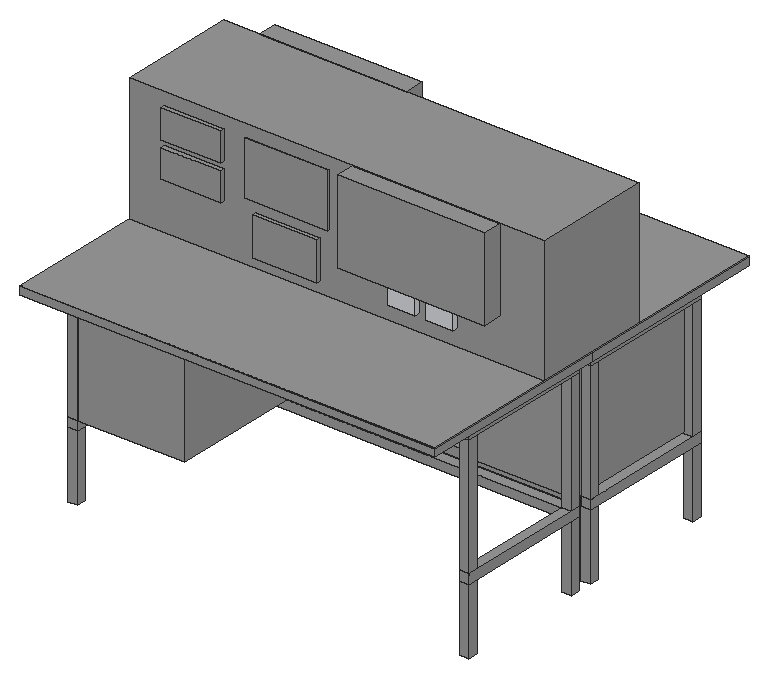
Revit family "ElectronicsBenchTopDouble", category Furniture, Revit 2025
Family settings
  OmniClass Number = 23.40.20.00
  OmniClass Title = General Furniture and Specialties
  Work Plane-Based = No
  Enable Cutting in Views = No
  Always vertical = Yes
  Cut with Voids When Loaded = No
  Render Appearance Source = Family Geometry
  Shared = No
  Room Calculation Point = No
Parameters
  Default Elevation = 0 mm
Reference planes
  plane 1 "FrontEdge": y = -845
  plane 2: z = 9.556
  plane 3 "Center (Left/Right)": x = 0
  plane 4: x = 1750
  plane 5: x = 150
  plane 6: x = 400
  plane 7: x = 492
  plane 8: x = 535
  plane 9: x = 805
  plane 10: x = 842
  plane 11: x = 942
  plane 12: x = 1562
  plane 13: z = 539.556
  plane 14 "Centreline": y = -20
  plane 15 "RearEdge": y = 805
  plane 16: z = 909.556
  plane 17 "RearConsole": y = 230
  plane 18 "FrontConsole": y = -270
Forms (mm)
  Extrusion 1, solid, not visible
    sketch origin (340.219, 0, -4.515) x (1, 0, 0) y (0, 0, 1)
      loop
        line (1166.781, -422.24) -> (1166.781, -497.24) -> (1281.781, -497.24) -> (1281.781, -422.24) -> (1166.781, -422.24)
    from 0 to 100
  Extrusion 2, void, not visible
    sketch origin (0, 0, -0.733) x (1, 0, 0) y (0, 0, 1)
      loop
        circle (1535.231, -463.13) r 15
      loop
        circle (1594.387, -462.957) r 15
    from 0 to 5
  Extrusion 3, solid, not visible
    sketch origin (180.219, 0, -4.515) x (1, 0, 0) y (0, 0, 1)
      loop
        line (1166.781, -422.24) -> (1166.781, -497.24) -> (1281.781, -497.24) -> (1281.781, -422.24) -> (1166.781, -422.24)
    from 0 to 100
  Extrusion 4, void, not visible
    sketch origin (-160, 0, -0.733) x (1, 0, 0) y (0, 0, 1)
      loop
        circle (1535.231, -463.13) r 15
      loop
        circle (1594.387, -462.957) r 15
    from 0 to 5
  Extrusion 5, solid, not visible
    sketch origin (97.34, 80, 567.327) x (1, 0, 0) y (0, 0, 1)
      loop
        line (1166.781, -422.24) -> (1166.781, -497.24) -> (1281.781, -497.24) -> (1281.781, -422.24) -> (1166.781, -422.24)
    from 0 to 100
  Extrusion 6, void, not visible
    sketch origin (-242.88, -20, 571.109) x (1, 0, 0) y (0, 0, 1)
      loop
        circle (1535.231, -463.13) r 15
      loop
        circle (1594.387, -462.957) r 15
    from 0 to 5
  Extrusion 7, solid, not visible
    sketch origin (-62.66, 80, 567.327) x (1, 0, 0) y (0, 0, 1)
      loop
        line (1166.781, -422.24) -> (1166.781, -497.24) -> (1281.781, -497.24) -> (1281.781, -422.24) -> (1166.781, -422.24)
    from 0 to 100
  Extrusion 8, void, not visible
    sketch origin (-402.88, -20, 571.109) x (1, 0, 0) y (0, 0, 1)
      loop
        circle (1535.231, -463.13) r 15
      loop
        circle (1594.387, -462.957) r 15
    from 0 to 5
  Extrusion 9, solid, material "Plywood, Side, 7 Ply", not visible
    sketch origin (829.616, -1903.81, 1413.477) x (1, 0, 0) y (0, 0, 1)
      loop
        line (-829.616, -130.888) -> (920.384, -130.888) -> (920.384, 399.112) -> (-829.616, 399.112) -> (-829.616, -130.888)
    from -350 to 250
  Extrusion 10, solid, material "Asphalt, Bitumen", not visible
    sketch origin (-0.384, -1903.81, 1272.588) x (1, 0, 0) y (0, 0, 1)
      loop
        line (942, 530) -> (942, 180) -> (1562, 180) -> (1562, 530) -> (942, 530)
    from 250 to 330
  Extrusion 11, solid, material "Asphalt, Bitumen", not visible
    sketch origin (-0.384, -1903.81, 1272.588) x (1, 0, 0) y (0, 0, 1)
      loop
        line (842, 480) -> (492, 480) -> (492, 253) -> (842, 253) -> (842, 480)
    from 150 to 255
  Extrusion 12, solid, material "Plastic, Formed", not visible
    sketch origin (-0.384, -1903.81, 1272.588) x (1, 0, 0) y (0, 0, 1)
      loop
        line (535, 210) -> (535, 50) -> (805, 50) -> (805, 210) -> (535, 210)
    from -35.942 to 270
  Extrusion 13, solid, material "Plastic, Formed", not visible
    sketch origin (-0.384, -1903.81, 1272.588) x (1, 0, 0) y (0, 0, 1)
      loop
        line (150, 480) -> (150, 360) -> (400, 360) -> (400, 480) -> (150, 480)
      loop
        line (150, 330) -> (150, 210) -> (400, 210) -> (400, 330) -> (150, 330)
    from 0 to 270
  Extrusion 14, solid, material "Asphalt, Bitumen", not visible
    sketch origin (1710.436, -1803.81, 1272.588) x (-1, 0, 0) y (0, 0, 1)
      loop
        line (942, 530) -> (942, 180) -> (1562, 180) -> (1562, 530) -> (942, 530)
    from 250 to 330
  Extrusion 15, solid, material "Asphalt, Bitumen", not visible
    sketch origin (1710.436, -1803.81, 1272.588) x (-1, 0, 0) y (0, 0, 1)
      loop
        line (842, 480) -> (492, 480) -> (492, 253) -> (842, 253) -> (842, 480)
    from 150 to 255
  Extrusion 16, solid, material "Plastic, Formed", not visible
    sketch origin (1710.436, -1803.81, 1272.588) x (-1, 0, 0) y (0, 0, 1)
      loop
        line (535, 210) -> (535, 50) -> (805, 50) -> (805, 210) -> (535, 210)
    from -35.942 to 270
  Extrusion 17, solid, material "Plastic, Formed", not visible
    sketch origin (1710.436, -1803.81, 1272.588) x (-1, 0, 0) y (0, 0, 1)
      loop
        line (150, 480) -> (150, 360) -> (400, 360) -> (400, 480) -> (150, 480)
      loop
        line (150, 330) -> (150, 210) -> (400, 210) -> (400, 330) -> (150, 330)
    from 0 to 270
  Extrusion 18, solid, not visible
    sketch origin (97.34, -2073.81, 1840.359) x (1, 0, 0) y (0, 0, 1)
      loop
        line (1166.781, -422.24) -> (1166.781, -497.24) -> (1281.781, -497.24) -> (1281.781, -422.24) -> (1166.781, -422.24)
    from 0 to 100
  Extrusion 19, void, not visible
    sketch origin (-242.88, -2173.81, 1844.141) x (1, 0, 0) y (0, 0, 1)
      loop
        circle (1535.231, -463.13) r 15
      loop
        circle (1594.387, -462.957) r 15
    from 0 to 5
  Extrusion 20, solid, not visible
    sketch origin (-62.66, -2073.81, 1840.359) x (1, 0, 0) y (0, 0, 1)
      loop
        line (1166.781, -422.24) -> (1166.781, -497.24) -> (1281.781, -497.24) -> (1281.781, -422.24) -> (1166.781, -422.24)
    from 0 to 100
  Extrusion 21, void, not visible
    sketch origin (-402.88, -2173.81, 1844.141) x (1, 0, 0) y (0, 0, 1)
      loop
        circle (1535.231, -463.13) r 15
      loop
        circle (1594.387, -462.957) r 15
    from 0 to 5
  Extrusion 22, solid, not visible
    sketch origin (1584.862, -1633.81, 1840.359) x (-1, 0, 0) y (0, 0, 1)
      loop
        line (1166.781, -422.24) -> (1166.781, -497.24) -> (1281.781, -497.24) -> (1281.781, -422.24) -> (1166.781, -422.24)
    from 0 to 100
  Extrusion 23, void, not visible
    sketch origin (1925.082, -1533.81, 1844.141) x (-1, 0, 0) y (0, 0, 1)
      loop
        circle (1535.231, -463.13) r 15
      loop
        circle (1594.387, -462.957) r 15
    from 0 to 5
  Extrusion 24, solid, not visible
    sketch origin (1744.862, -1633.81, 1840.359) x (-1, 0, 0) y (0, 0, 1)
      loop
        line (1166.781, -422.24) -> (1166.781, -497.24) -> (1281.781, -497.24) -> (1281.781, -422.24) -> (1166.781, -422.24)
    from 0 to 100
  Extrusion 25, void, not visible
    sketch origin (2085.082, -1533.81, 1844.141) x (-1, 0, 0) y (0, 0, 1)
      loop
        circle (1535.231, -463.13) r 15
      loop
        circle (1594.387, -462.957) r 15
    from 0 to 5
Dimensions and locks
  plane 14 "Centreline" to plane 1 "FrontEdge" = 825 mm
  nested 2 to plane 15 "RearEdge" = 825 mm
  plane 17 "RearConsole" to plane 15 "RearEdge" = 575 mm
  plane 14 "Centreline" to plane 18 "FrontConsole" to plane 1 "FrontEdge" = 250 mm, 575 mm
  plane 17 "RearConsole" to plane 14 "Centreline" = 250 mm
  aligned and locked: level to plane 2
Nested families
  nested 1: "SmallBench" at (0, -20, 9.556), type "SmallBench"
  nested 2: "SmallBench" at (1750, -20, 9.556) x (-1, 0, 0) z (0, 0, 1), type "SmallBench"
  nested 3: "ElectronicsBenchTop" at (0, -14.058, 909.556), type "ElectronicsBenchTop"
Definition of nested family "SmallBench"
  Parameters
    Default Elevation = 0 mm
  Reference planes
    plane 1 "CentreLong": y = 0
    plane 2: z = 0
    plane 3 "LeftEdge": x = 0
    plane 4 "FrontEdge": y = -825
    plane 5 "RightEdge": x = 1750
    plane 6 "DrawerFront": y = -610
    plane 7 "LeftSupport": x = 50
    plane 8 "BenchTop": z = 900
    plane 9 "BenchBottom": z = 865
    plane 10 "RightSupport": x = 1700
    plane 11 "BackSupport": y = -50
    plane 12 "DrawerInner": x = 520
  Forms (mm)
    Extrusion 1, solid
      sketch origin (0, 0, 0) x (1, 0, 0) y (0, 1, 0)
        loop
          line (0, 0) -> (0, -825) -> (1750, -825) -> (1750, 0) -> (0, 0)
      from 865 to 898
    Extrusion 2, solid
      sketch origin (1780, -548.097, 0) x (1, 0, 0) y (0, 1, 0)
        loop
          line (-100, 518.097) -> (-100, 478.097) -> (-60, 478.097) -> (-60, 518.097) -> (-100, 518.097)
      from 0 to 825
    Extrusion 3, solid
      sketch origin (1780, -1115, 0) x (1, 0, 0) y (0, 1, 0)
        loop
          line (-100, 545) -> (-100, 505) -> (-60, 505) -> (-60, 545) -> (-100, 545)
      from 0 to 825
    Extrusion 4, solid
      sketch origin (-700, -140, 0) x (1, 0, 0) y (0, 1, 0)
        loop
          line (2380, 110) -> (2380, -470) -> (2420, -470) -> (2420, 110) -> (2400, 110) -> (2380, 110)
      from 825 to 865
    Extrusion 5, solid
      sketch origin (-700, -180, 0) x (1, 0, 0) y (0, 1, 0)
        loop
          line (2380, 150) -> (2380, -430) -> (2420, -430) -> (2420, 150) -> (2380, 150)
      from 280 to 320
    Extrusion 6, solid
      sketch origin (0, 0, 0) x (1, 0, 0) y (0, 1, 0)
        loop
          line (70, 0) -> (70, -610) -> (520, -610) -> (520, 0) -> (70, 0)
      from 320 to 865
    Extrusion 7, solid, not visible
      sketch origin (1780, -548.097, 0) x (1, 0, 0) y (0, 1, 0)
        loop
          line (-100, 518.097) -> (-100, 478.097) -> (-60, 478.097) -> (-60, 518.097) -> (-100, 518.097)
      from 0 to 825
    Extrusion 8, solid, not visible
      sketch origin (1780, -1115, 0) x (1, 0, 0) y (0, 1, 0)
        loop
          line (-100, 545) -> (-100, 505) -> (-60, 505) -> (-60, 545) -> (-100, 545)
      from 0 to 825
    Extrusion 9, solid, not visible
      sketch origin (-700, -140, 0) x (1, 0, 0) y (0, 1, 0)
        loop
          line (2380, 110) -> (2380, -470) -> (2420, -470) -> (2420, 110) -> (2400, 110) -> (2380, 110)
      from 825 to 865
    Extrusion 10, solid, not visible
      sketch origin (-700, -180, 0) x (1, 0, 0) y (0, 1, 0)
        loop
          line (2380, 150) -> (2380, -430) -> (2420, -430) -> (2420, 150) -> (2380, 150)
      from 280 to 320
    Extrusion 11, solid
      sketch origin (130, -548.097, 0) x (1, 0, 0) y (0, 1, 0)
        loop
          line (-100, 518.097) -> (-100, 478.097) -> (-60, 478.097) -> (-60, 518.097) -> (-100, 518.097)
      from 0 to 825
    Extrusion 12, solid
      sketch origin (130, -1115, 0) x (1, 0, 0) y (0, 1, 0)
        loop
          line (-100, 545) -> (-100, 505) -> (-60, 505) -> (-60, 545) -> (-100, 545)
      from 0 to 825
    Extrusion 13, solid
      sketch origin (-2350, -140, 0) x (1, 0, 0) y (0, 1, 0)
        loop
          line (2380, 110) -> (2380, -470) -> (2420, -470) -> (2420, 110) -> (2400, 110) -> (2380, 110)
      from 825 to 865
    Extrusion 14, solid
      sketch origin (-2350, -180, 0) x (1, 0, 0) y (0, 1, 0)
        loop
          line (2380, 150) -> (2380, -430) -> (2420, -430) -> (2420, 150) -> (2380, 150)
      from 280 to 320
    Extrusion 15, solid
      sketch origin (0, 0, -200) x (0, 1, 0) y (0, 0, 1)
        loop
          line (-30, 520) -> (-70, 520) -> (-70, 480) -> (-30, 480) -> (-30, 520)
      from 70 to 1680
    Extrusion 16, solid
      sketch origin (0, 0, 465) x (0, 1, 0) y (0, 0, 1)
        loop
          line (-30, 400) -> (-70, 400) -> (-70, 360) -> (-30, 360) -> (-30, 400)
      from 70 to 1680
    Extrusion 17, solid
      sketch origin (0, 0, 0) x (1, 0, 0) y (0, 1, 0)
        loop
          line (0, 0) -> (0, -825) -> (1750, -825) -> (1750, 0) -> (0, 0)
      from 898 to 900
  Dimensions and locks
    plane 3 "LeftEdge" to plane 5 "RightEdge" = 1750 mm
    plane 12 "DrawerInner" to Extrusion 3 = 1160 mm
    plane 8 "BenchTop" to level = 900 mm
    plane 5 "RightEdge" to plane 3 "LeftEdge" = 1750 mm
    Extrusion 6 to Extrusion 12 = 450 mm
    Extrusion 13 to Extrusion 6 = 450 mm
    Extrusion 6 to Extrusion 4 = 1160 mm
    aligned and locked: level to plane 2
Definition of nested family "ElectronicsBenchTop"
  Parameters
    Default Elevation = 0 mm
  Reference planes
    plane 1 "Front Face": y = -255.942
    plane 2: z = 0
    plane 3 "Left": x = 0
    plane 4 "Right": x = 1750
    plane 5: x = 150
    plane 6: x = 400
    plane 7: x = 492
    plane 8: x = 535
    plane 9: x = 805
    plane 10: x = 842
    plane 11: x = 942
    plane 12: x = 1562
    plane 13 "Centreline": y = -5.942
    plane 14: z = 0
    plane 15 "Top": z = 530
    plane 16: y = 244.058
  Forms (mm)
    Extrusion 1, solid
      sketch origin (829.616, -5.942, 120.888) x (1, 0, 0) y (0, 0, 1)
        loop
          line (-829.616, -120.888) -> (920.384, -120.888) -> (920.384, 409.112) -> (-829.616, 409.112) -> (-829.616, -120.888)
      from -250 to 250
    Extrusion 2, solid
      sketch origin (-0.384, -5.942, 0) x (1, 0, 0) y (0, 0, 1)
        loop
          line (942, 530) -> (942, 180) -> (1562, 180) -> (1562, 530) -> (942, 530)
      from 250 to 330
    Extrusion 3, solid
      sketch origin (-0.384, -5.942, 0) x (1, 0, 0) y (0, 0, 1)
        loop
          line (842, 480) -> (492, 480) -> (492, 253) -> (842, 253) -> (842, 480)
      from 150 to 255
    Extrusion 4, solid
      sketch origin (-0.384, -5.942, 0) x (1, 0, 0) y (0, 0, 1)
        loop
          line (535, 210) -> (535, 50) -> (805, 50) -> (805, 210) -> (535, 210)
      from -35.942 to 270
    Extrusion 5, solid
      sketch origin (-0.384, -5.942, 0) x (1, 0, 0) y (0, 0, 1)
        loop
          line (150, 480) -> (150, 360) -> (400, 360) -> (400, 480) -> (150, 480)
        loop
          line (150, 330) -> (150, 210) -> (400, 210) -> (400, 330) -> (150, 330)
      from 0 to 270
    Extrusion 6, solid
      sketch origin (1710.436, -5.942, 0) x (-1, 0, 0) y (0, 0, 1)
        loop
          line (942, 530) -> (942, 180) -> (1562, 180) -> (1562, 530) -> (942, 530)
      from 250 to 330
    Extrusion 7, solid
      sketch origin (1710.436, -5.942, 0) x (-1, 0, 0) y (0, 0, 1)
        loop
          line (842, 480) -> (492, 480) -> (492, 253) -> (842, 253) -> (842, 480)
      from 150 to 255
    Extrusion 8, solid
      sketch origin (1710.436, -5.942, 0) x (-1, 0, 0) y (0, 0, 1)
        loop
          line (535, 210) -> (535, 50) -> (805, 50) -> (805, 210) -> (535, 210)
      from -35.942 to 270
    Extrusion 9, solid
      sketch origin (1710.436, -5.942, 0) x (-1, 0, 0) y (0, 0, 1)
        loop
          line (150, 480) -> (150, 360) -> (400, 360) -> (400, 480) -> (150, 480)
        loop
          line (150, 330) -> (150, 210) -> (400, 210) -> (400, 330) -> (150, 330)
      from 0 to 270
    Extrusion 10, solid
      sketch origin (97.34, -175.942, 567.771) x (1, 0, 0) y (0, 0, 1)
        loop
          line (1166.781, -422.24) -> (1166.781, -497.24) -> (1281.781, -497.24) -> (1281.781, -422.24) -> (1166.781, -422.24)
      from 0 to 100
    Extrusion 11, void
      sketch origin (-242.88, -275.942, 571.553) x (1, 0, 0) y (0, 0, 1)
        loop
          circle (1535.231, -463.13) r 15
        loop
          circle (1594.387, -462.957) r 15
      from 0 to 5
    Extrusion 12, solid
      sketch origin (-62.66, -175.942, 567.771) x (1, 0, 0) y (0, 0, 1)
        loop
          line (1166.781, -422.24) -> (1166.781, -497.24) -> (1281.781, -497.24) -> (1281.781, -422.24) -> (1166.781, -422.24)
      from 0 to 100
    Extrusion 13, void
      sketch origin (-402.88, -275.942, 571.553) x (1, 0, 0) y (0, 0, 1)
        loop
          circle (1535.231, -463.13) r 15
        loop
          circle (1594.387, -462.957) r 15
      from 0 to 5
    Extrusion 14, solid, not visible
      sketch origin (340.219, 0, -4.515) x (1, 0, 0) y (0, 0, 1)
        loop
          line (1166.781, -422.24) -> (1166.781, -497.24) -> (1281.781, -497.24) -> (1281.781, -422.24) -> (1166.781, -422.24)
      from 0 to 100
    Extrusion 15, void, not visible
      sketch origin (0, 0, -0.733) x (1, 0, 0) y (0, 0, 1)
        loop
          circle (1535.231, -463.13) r 15
        loop
          circle (1594.387, -462.957) r 15
      from 0 to 5
    Extrusion 16, solid, not visible
      sketch origin (180.219, 0, -4.515) x (1, 0, 0) y (0, 0, 1)
        loop
          line (1166.781, -422.24) -> (1166.781, -497.24) -> (1281.781, -497.24) -> (1281.781, -422.24) -> (1166.781, -422.24)
      from 0 to 100
    Extrusion 17, void, not visible
      sketch origin (-160, 0, -0.733) x (1, 0, 0) y (0, 0, 1)
        loop
          circle (1535.231, -463.13) r 15
        loop
          circle (1594.387, -462.957) r 15
      from 0 to 5
    Extrusion 18, solid
      sketch origin (1584.862, 164.058, 567.771) x (-1, 0, 0) y (0, 0, 1)
        loop
          line (1166.781, -422.24) -> (1166.781, -497.24) -> (1281.781, -497.24) -> (1281.781, -422.24) -> (1166.781, -422.24)
      from 0 to 100
    Extrusion 19, void
      sketch origin (1925.082, 264.058, 571.553) x (-1, 0, 0) y (0, 0, 1)
        loop
          circle (1535.231, -463.13) r 15
        loop
          circle (1594.387, -462.957) r 15
      from 0 to 5
    Extrusion 20, solid
      sketch origin (1744.862, 164.058, 567.771) x (-1, 0, 0) y (0, 0, 1)
        loop
          line (1166.781, -422.24) -> (1166.781, -497.24) -> (1281.781, -497.24) -> (1281.781, -422.24) -> (1166.781, -422.24)
      from 0 to 100
    Extrusion 21, void
      sketch origin (2085.082, 264.058, 571.553) x (-1, 0, 0) y (0, 0, 1)
        loop
          circle (1535.231, -463.13) r 15
        loop
          circle (1594.387, -462.957) r 15
      from 0 to 5
    Extrusion 22, solid, not visible
      sketch origin (97.34, 80, 567.327) x (1, 0, 0) y (0, 0, 1)
        loop
          line (1166.781, -422.24) -> (1166.781, -497.24) -> (1281.781, -497.24) -> (1281.781, -422.24) -> (1166.781, -422.24)
      from 0 to 100
    Extrusion 23, void, not visible
      sketch origin (-242.88, -20, 571.109) x (1, 0, 0) y (0, 0, 1)
        loop
          circle (1535.231, -463.13) r 15
        loop
          circle (1594.387, -462.957) r 15
      from 0 to 5
    Extrusion 24, solid, not visible
      sketch origin (-62.66, 80, 567.327) x (1, 0, 0) y (0, 0, 1)
        loop
          line (1166.781, -422.24) -> (1166.781, -497.24) -> (1281.781, -497.24) -> (1281.781, -422.24) -> (1166.781, -422.24)
      from 0 to 100
    Extrusion 25, void, not visible
      sketch origin (-402.88, -20, 571.109) x (1, 0, 0) y (0, 0, 1)
        loop
          circle (1535.231, -463.13) r 15
        loop
          circle (1594.387, -462.957) r 15
      from 0 to 5
    Extrusion 26, solid, not visible
      sketch origin (829.616, -1903.81, 1413.477) x (1, 0, 0) y (0, 0, 1)
        loop
          line (-829.616, -130.888) -> (920.384, -130.888) -> (920.384, 399.112) -> (-829.616, 399.112) -> (-829.616, -130.888)
      from -350 to 250
    Extrusion 27, solid, not visible
      sketch origin (-0.384, -1903.81, 1272.588) x (1, 0, 0) y (0, 0, 1)
        loop
          line (942, 530) -> (942, 180) -> (1562, 180) -> (1562, 530) -> (942, 530)
      from 250 to 330
    Extrusion 28, solid, not visible
      sketch origin (-0.384, -1903.81, 1272.588) x (1, 0, 0) y (0, 0, 1)
        loop
          line (842, 480) -> (492, 480) -> (492, 253) -> (842, 253) -> (842, 480)
      from 150 to 255
    Extrusion 29, solid, not visible
      sketch origin (-0.384, -1903.81, 1272.588) x (1, 0, 0) y (0, 0, 1)
        loop
          line (535, 210) -> (535, 50) -> (805, 50) -> (805, 210) -> (535, 210)
      from -35.942 to 270
    Extrusion 30, solid, not visible
      sketch origin (-0.384, -1903.81, 1272.588) x (1, 0, 0) y (0, 0, 1)
        loop
          line (150, 480) -> (150, 360) -> (400, 360) -> (400, 480) -> (150, 480)
        loop
          line (150, 330) -> (150, 210) -> (400, 210) -> (400, 330) -> (150, 330)
      from 0 to 270
    Extrusion 31, solid, not visible
      sketch origin (1710.436, -1803.81, 1272.588) x (-1, 0, 0) y (0, 0, 1)
        loop
          line (942, 530) -> (942, 180) -> (1562, 180) -> (1562, 530) -> (942, 530)
      from 250 to 330
    Extrusion 32, solid, not visible
      sketch origin (1710.436, -1803.81, 1272.588) x (-1, 0, 0) y (0, 0, 1)
        loop
          line (842, 480) -> (492, 480) -> (492, 253) -> (842, 253) -> (842, 480)
      from 150 to 255
    Extrusion 33, solid, not visible
      sketch origin (1710.436, -1803.81, 1272.588) x (-1, 0, 0) y (0, 0, 1)
        loop
          line (535, 210) -> (535, 50) -> (805, 50) -> (805, 210) -> (535, 210)
      from -35.942 to 270
    Extrusion 34, solid, not visible
      sketch origin (1710.436, -1803.81, 1272.588) x (-1, 0, 0) y (0, 0, 1)
        loop
          line (150, 480) -> (150, 360) -> (400, 360) -> (400, 480) -> (150, 480)
        loop
          line (150, 330) -> (150, 210) -> (400, 210) -> (400, 330) -> (150, 330)
      from 0 to 270
    Extrusion 35, solid, not visible
      sketch origin (97.34, -2073.81, 1840.359) x (1, 0, 0) y (0, 0, 1)
        loop
          line (1166.781, -422.24) -> (1166.781, -497.24) -> (1281.781, -497.24) -> (1281.781, -422.24) -> (1166.781, -422.24)
      from 0 to 100
    Extrusion 36, void, not visible
      sketch origin (-242.88, -2173.81, 1844.141) x (1, 0, 0) y (0, 0, 1)
        loop
          circle (1535.231, -463.13) r 15
        loop
          circle (1594.387, -462.957) r 15
      from 0 to 5
    Extrusion 37, solid, not visible
      sketch origin (-62.66, -2073.81, 1840.359) x (1, 0, 0) y (0, 0, 1)
        loop
          line (1166.781, -422.24) -> (1166.781, -497.24) -> (1281.781, -497.24) -> (1281.781, -422.24) -> (1166.781, -422.24)
      from 0 to 100
    Extrusion 38, void, not visible
      sketch origin (-402.88, -2173.81, 1844.141) x (1, 0, 0) y (0, 0, 1)
        loop
          circle (1535.231, -463.13) r 15
        loop
          circle (1594.387, -462.957) r 15
      from 0 to 5
    Extrusion 39, solid, not visible
      sketch origin (1584.862, -1633.81, 1840.359) x (-1, 0, 0) y (0, 0, 1)
        loop
          line (1166.781, -422.24) -> (1166.781, -497.24) -> (1281.781, -497.24) -> (1281.781, -422.24) -> (1166.781, -422.24)
      from 0 to 100
    Extrusion 40, void, not visible
      sketch origin (1925.082, -1533.81, 1844.141) x (-1, 0, 0) y (0, 0, 1)
        loop
          circle (1535.231, -463.13) r 15
        loop
          circle (1594.387, -462.957) r 15
      from 0 to 5
    Extrusion 41, solid, not visible
      sketch origin (1744.862, -1633.81, 1840.359) x (-1, 0, 0) y (0, 0, 1)
        loop
          line (1166.781, -422.24) -> (1166.781, -497.24) -> (1281.781, -497.24) -> (1281.781, -422.24) -> (1166.781, -422.24)
      from 0 to 100
    Extrusion 42, void, not visible
      sketch origin (2085.082, -1533.81, 1844.141) x (-1, 0, 0) y (0, 0, 1)
        loop
          circle (1535.231, -463.13) r 15
        loop
          circle (1594.387, -462.957) r 15
      from 0 to 5
  Cuts and joins
    Extrusion 11, Extrusion 13, Extrusion 19 cuts Extrusion 10
    Extrusion 13, Extrusion 21 cuts Extrusion 12
    Extrusion 19 cuts Extrusion 18
    Extrusion 21 cuts Extrusion 20
  Dimensions and locks
    plane 3 "Left" to Extrusion 1 = 1750 mm
    locked: plane 13 "Centreline" to plane 1 "Front Face" at 250
    locked: plane 13 "Centreline" to plane 16 at 250
    locked: plane 1 "Front Face" to Extrusion 2
    locked: plane 16 to Extrusion 6
    locked: Extrusion 1 to level at 530
    aligned and locked: level to plane 2
